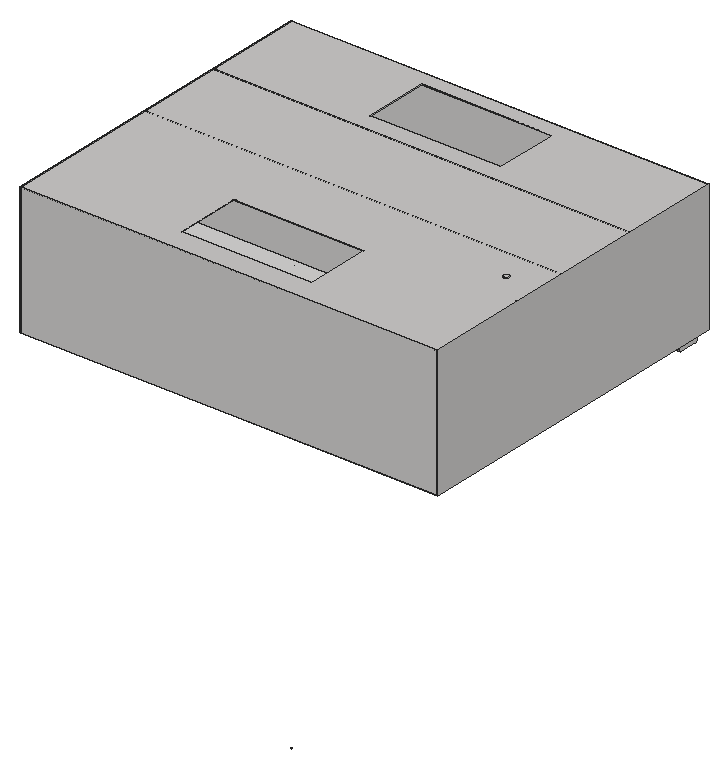
Revit family "QF_ELECTROLUXPROFESSIONAL_640228_STPF1316", category Attrezzature speciali, Revit 2021
Family settings
  Quota connettore circolare = Usa diametro
  Tipo di parte = Normale
  Basato su piano di lavoro = No
  Sempre verticale = Sì
  Taglio con vuoti quando caricato = No
  Condiviso = No
  Punto di calcolo locali = No
Parameters (values of type "Standard")
  Weight = 114.00 kg
  Watts = 160 W
  Volts = 220 V
  URL Manufacturer = "https://www.electroluxprofessional.com/"
  URL = "https://www.electroluxprofessional.com/"
  Steam Supply Size = 0 mm
  Steam Supply Minimum Pressure = 0.0 Pa
  Steam Supply Maximum Pressure = 0.0 Pa
  Steam Consumption per Hour = 0
  Refrigeration Suction Line Size = 0 mm
  Refrigeration Liquid Line Size = 0 mm
  Refrigerant Compressor Remote = yes
  Prospetto di default = 0 mm
  Produttore = "Electrolux Professional"
  Phase = 1
  Modello = "STPF1316"
  Length Actual = 1600 mm  # constant formula
  Item Number = "640228"
  Hot Water Size = 0 mm
  Height Actual = 500 mm  # constant formula
  HP = "0.2 HP"
  Gas Size = 0 mm
  Gas KW = 0
  Gas Input Pressure = 0 W
  Direct Waste Size = 0 mm
  Descrizione = "304 S/S WALL HOOD+FILTER+LAMPS 1600X1300"
  Depth Actual = 1300 mm  # constant formula
  Cycle = 50 Hz
  Condensate Return Size = 0 mm
  Compressed Air Volume = 0.0 L/s
  Compressed Air Size = 0 mm
  Compressed Air Pressure = 0.0 Pa
  Cold Water Size = 0 mm
  Accessory = yes
Reference planes
  plane 1: z = 0
  plane 2 "Center (Left/Right)": x = 150
  plane 3 "LEFT": x = -650
  plane 4 "RIGHT": x = 950
  plane 5 "BACK": y = 550
  plane 6 "TOP": z = 2500
  plane 7 "Base": z = 2000
  plane 8: z = 1955
  plane 9 "DrainY": y = 490
  plane 10: x = -647
  plane 11 "DrainX": x = 830
  plane 12 "AOLeft2": x = 400
  plane 13: x = 947
  plane 14: x = -450
  plane 15: x = 750
  plane 16 "Center (Front/Back)": y = -100
  plane 17 "Front": y = -750
  plane 18 "AOLeft1": x = -100
  plane 19: y = -664
  plane 20: y = -414
  plane 21: y = 240
  plane 22: y = 490
  plane 23 "EI_y": y = -270
  plane 24 "EIx": x = 830
Forms (mm)
  Extrusion 1, solid, material "QF_Finishes_Stainless Steel"
    sketch origin (-650, 0, 360) x (0, 1, 0) y (0, 0, 1)
      loop
        line (550, 1640) -> (550, 2140) -> (-750, 2140) -> (-750, 1640) -> (550, 1640)
    from 0 to 3
  Extrusion 2, solid, material "QF_Finishes_Stainless Steel"
    sketch origin (950, 0, 360) x (0, 1, 0) y (0, 0, 1)
      loop
        line (550, 1640) -> (550, 2140) -> (-750, 2140) -> (-750, 1640) -> (550, 1640)
    from 0 to -3
  Extrusion 3, solid, material "QF_Finishes_Stainless Steel"
    sketch origin (150, 0, 360) x (0, 1, 0) y (0, 0, 1)
      loop
        line (-750, 2140) -> (-750, 1640) -> (-740, 1640) -> (-740, 1640.8) -> (-749.2, 1640.8) -> (-749.2, 2139.19) -> (549.2, 2139.19) -> (549.2, 1640.8) -> (540, 1640.8) -> (540, 1640) -> (550, 1640) -> (550, 2140) -> (-750, 2140)
    from -800 to 800
  Extrusion 4, solid, material "QF_Finishes_Stainless Steel"
    sketch origin (0, 0, 2000) x (0, 1, 0) y (-1, 0, 0)
      loop
        circle (490, -830) r 4.763
    from -30 to 0
  Extrusion 5, void
    sketch origin (0, 0, 2500) x (0, 1, 0) y (-1, 0, 0)
      loop
        line (-414, -400) -> (-414, 100) -> (-664, 100) -> (-664, -400) -> (-414, -400)
    from 0 to -10
  Extrusion 6, solid, material "QF_Finishes_Stainless Steel"
    sketch origin (0, 0, 0) x (1, 0, 0) y (0, 1, 0)
      loop
        line (-650, 550) -> (-650, 549) -> (-649, 549) -> (-649, 550) -> (-650, 550)
    from 0 to 1
  Extrusion 7, solid, material "QF_LAMPS"
    sketch origin (150, 0, 360) x (0, 1, 0) y (0, 0, 1)
      loop
        line (-372.823, 1962.324) -> (-218.948, 2086.929) -> (-227.129, 2097.032) -> (-381.003, 1972.426) -> (-372.823, 1962.324)
    from 797 to -797
  Extrusion 8, solid, material "QF_Finishes_Stainless Steel"
    sketch origin (150, 0, 360) x (0, 1, 0) y (0, 0, 1)
      loop
        line (-750, 2139.19) -> (-750, 1640) -> (-686.602, 1640) -> (-599.146, 1690.493) -> (-610.058, 1709.394) -> (-666.564, 1676.77) -> (-714.704, 1680.982) -> (-749.2, 1730.248) -> (-749.2, 2139.19) -> (-750, 2139.19)
      loop
        line (-373.6, 1961.694) -> (-381.937, 1971.99) -> (-369.095, 1982.182) -> (-369.095, 2139.19) -> (-369.895, 2139.19) -> (-369.895, 1982.569) -> (-682.298, 1734.63) -> (-671.091, 1720.79) -> (-373.6, 1961.694)
      loop
        line (-227.61, 2099.216) -> (-218.171, 2087.559) -> (-154.411, 2139.19) -> (-155.682, 2139.19) -> (-218.052, 2088.684) -> (-226.989, 2099.719) -> (-227.61, 2099.216)
    from -797 to 797
  Sweep 9, solid, material "QF_Finishes_Stainless Steel"
    path origin (0, 0, 0) x (1, 0, 0) y (0, 1, 0)
      loop
        line (950, 550) -> (-650, 550) -> (-650, -750) -> (950, -750) -> (950, 550)
    profile origin (950, -100, 0) x (1, 0, 0) y (0, 0, 1)
      loop
        line (-3, 2000) -> (-3, 2000.8) -> (-19, 2000.8) -> (-19, 2010) -> (-20, 2010) -> (-20, 2000) -> (-3, 2000)
  Extrusion 10, solid, material "QF_Finishes_Stainless Steel"
    sketch origin (150, 0, 0) x (0, 1, 0) y (0, 0, 1)
      loop
        line (414.66, 2095.469) -> (440.643, 2110.471) -> (261.744, 2411.771) -> (235.948, 2396.455) -> (414.66, 2095.469)
    from -797 to -600
  Extrusion 11, solid, material "QF_Finishes_Stainless Steel"
    sketch origin (830, 0, 0) x (0, 1, 0) y (0, 0, 1)
      loop
        line (539, 2000) -> (441, 2000) -> (441, 1989) -> (448.5, 1989) -> (448.5, 1965)
        arc (448.5, 1965) -> (451.429, 1957.929) -> (458.5, 1955) r 10
        line (458.5, 1955) -> (521.5, 1955)
        arc (521.5, 1955) -> (528.571, 1957.929) -> (531.5, 1965) r 10
        line (531.5, 1965) -> (531.5, 1989) -> (539, 1989) -> (539, 2000)
    from 90 to -90
  Extrusion 12, solid, material "QF_Finishes_Stainless Steel"
    sketch origin (150, 0, 360) x (0, 1, 0) y (0, 0, 1)
      loop
        line (-750, 2139.19) -> (-750, 1640) -> (-686.602, 1640) -> (-599.146, 1690.493) -> (-610.058, 1709.394) -> (-666.564, 1676.77) -> (-714.704, 1680.982) -> (-749.2, 1730.248) -> (-749.2, 2139.19) -> (-750, 2139.19)
      loop
        line (-373.6, 1961.694) -> (-381.937, 1971.99) -> (-369.095, 1982.182) -> (-369.095, 2139.19) -> (-369.895, 2139.19) -> (-369.895, 1982.569) -> (-682.298, 1734.63) -> (-671.091, 1720.79) -> (-373.6, 1961.694)
      loop
        line (-227.61, 2099.216) -> (-218.171, 2087.559) -> (-154.411, 2139.19) -> (-155.682, 2139.19) -> (-218.052, 2088.684) -> (-226.989, 2099.719) -> (-227.61, 2099.216)
    from -797 to 797
  Extrusion 13, solid, material "QF_Finishes_Stainless Steel"
    sketch origin (150, 0, 0) x (0, 1, 0) y (0, 0, 1)
      loop
        line (414.66, 2095.469) -> (440.643, 2110.471) -> (261.744, 2411.771) -> (235.948, 2396.455) -> (414.66, 2095.469)
    from 600 to 797
  Extrusion 14, solid, material "QF_Finished_Chrome"
    sketch origin (150, 0, 0) x (0, 1, 0) y (0, 0, 1)
      loop
        line (414.66, 2095.469) -> (440.643, 2110.471) -> (261.744, 2411.771) -> (235.948, 2396.455) -> (414.66, 2095.469)
    from -600 to 600
  Extrusion 15, void
    sketch origin (0, 1180, 2500) x (0, 1, 0) y (-1, 0, 0)
      loop
        line (-690, -400) -> (-690, 100) -> (-940, 100) -> (-940, -400) -> (-690, -400)
    from 0 to -10
  Extrusion 16, solid, material "QF_Finishes_Stainless Steel"
    sketch origin (0, 0, 2500) x (0, 1, 0) y (-1, 0, 0)
      loop
        circle (-270, -830) r 10
    from 0 to 1.6
  Extrusion 17, solid, material "QF_Finishes_Stainless Steel"
    sketch origin (150, 0, 360) x (0, 1, 0) y (0, 0, 1)
      loop
        line (430.005, 1640) -> (540, 1640) -> (540, 1640.8) -> (430.467, 1640.8) -> (371.906, 1742.23) -> (414.858, 1734.657) -> (442.266, 1750.481) -> (442.266, 1765.943) -> (441.466, 1765.943) -> (441.466, 1750.943) -> (414.709, 1735.495) -> (321.153, 1751.991) -> (320.875, 1750.416) -> (371.4, 1741.507) -> (430.005, 1640)
      loop
        line (172.529, 2139.19) -> (242.893, 2017.316) -> (245.133, 2018.715) -> (240.13, 2027.381) -> (238.569, 2026.405) -> (173.453, 2139.19) -> (172.529, 2139.19)
    from -797 to 797
Cuts and joins
  Extrusion 5, Extrusion 15 cuts Extrusion 3
  joined: Extrusion 2, Extrusion 3, Sweep 9
Lines and regions (mm)
  symbolic lines, style "SpecialityEquipment", detail levels coarse
    curve 1: line (950, 550, 2500) -> (-650, 550, 2500)
    curve 2: line (-650, 550, 2500) -> (-650, -750, 2500)
    curve 3: line (950, -750, 2500) -> (950, 550, 2500)
    curve 4: line (-650, 550, 0) -> (950, -750, 0)
    curve 5: line (950, 550, 0) -> (-650, -750, 0)
    curve 6: line (-650, -750, 0) -> (950, -750, 0)
    curve 7: line (400, -414, 0) -> (-100, -414, 0)
    curve 8: line (400, -664, 0) -> (400, -414, 0)
    curve 9: line (-100, -664, 0) -> (400, -664, 0)
    curve 10: line (-100, -414, 0) -> (-100, -664, 0)
  symbolic lines, detail levels coarse
    curve 11: line (-100, 240, 2500) -> (400, 240, 2500)
    curve 12: line (-100, 490, 2500) -> (-100, 240, 2500)
    curve 13: line (400, 490, 2500) -> (-100, 490, 2500)
    curve 14: line (400, 240, 2500) -> (400, 490, 2500)
Dimensions and locks
  plane 3 "LEFT" to plane 4 "RIGHT" = 1600 mm
  equal spacing: plane 3 "LEFT", plane 2 "Center (Left/Right)", plane 4 "RIGHT"
  plane 7 "Base" to plane 8 = 45 mm
  plane 5 "BACK" to plane 9 "DrainY" = 60 mm  (x2)
  plane 3 "LEFT" to plane 10 = 3 mm
  plane 11 "DrainX" to plane 4 "RIGHT" = 120 mm
  plane 13 to plane 4 "RIGHT" = 3 mm
  plane 3 "LEFT" to plane 14 = 200 mm
  plane 15 to plane 4 "RIGHT" = 200 mm
  locked: plane 7 "Base" to level at 2000
  locked: plane 6 "TOP" to plane 7 "Base" at 500
  locked: plane 5 "BACK" to plane 17 "Front" at 1300
  equal spacing: plane 5 "BACK", plane 16 "Center (Front/Back)", plane 17 "Front"
  locked: plane 20 to plane 19 at 250
  plane 19 to plane 17 "Front" = 86 mm
  locked: plane 22 to plane 21 at 250
  plane 5 "BACK" to plane 22 = 60 mm
  locked: plane 23 "EI_y" to plane 17 "Front" at 480
  locked: plane 24 "EIx" to plane 4 "RIGHT" at 120
  locked: plane 18 "AOLeft1" to plane 12 "AOLeft2" at 500
  equal spacing: plane 18 "AOLeft1", plane 2 "Center (Left/Right)", plane 12 "AOLeft2"
  plane 5 "BACK" to plane 17 "Front" = 1300 mm
  aligned and locked: level to plane 1
  aligned and locked: plane 4 "RIGHT" to Extrusion 3
  aligned and locked: Extrusion 3 to plane 3 "LEFT"
  aligned and locked: Extrusion 2 to plane 13
  aligned and locked: Extrusion 10 to plane 10
  aligned and locked: Extrusion 8 to plane 10
  aligned and locked: plane 13 to Extrusion 8
  aligned and locked: Extrusion 5 to plane 18 "AOLeft1"
  aligned and locked: Extrusion 5 to plane 12 "AOLeft2"
  aligned and locked: plane 14 to Extrusion 10
  aligned and locked: plane 15 to Extrusion 13
  aligned and locked: plane 13 to Extrusion 13
  aligned and locked: Extrusion 14 to plane 14
  aligned and locked: Extrusion 14 to plane 15
  aligned and locked: plane 13 to Extrusion 7
  aligned and locked: Extrusion 7 to plane 10
  aligned and locked: Extrusion 15 to plane 21
  aligned and locked: plane 22 to Extrusion 15
  aligned and locked: Extrusion 15 to plane 18 "AOLeft1"
  aligned and locked: Extrusion 15 to plane 12 "AOLeft2"
  aligned and locked: Extrusion 17 to plane 10
  aligned and locked: plane 13 to Extrusion 17
  aligned and locked: plane 13 to Extrusion 12
  aligned and locked: Extrusion 12 to plane 10
  aligned and locked: cut or joined group of Extrusion 2, Extrusion 3, Extrusion 5, Sweep 9, Extrusion 15 to curve 7
  aligned and locked: cut or joined group of Extrusion 2, Extrusion 3, Extrusion 5, Sweep 9, Extrusion 15 to plane 19
  aligned and locked: curve 9 to plane 19
Automatic sketch dimensions
  curve 6 to plane 3 "LEFT" = 0 mm
  curve 4 to plane 3 "LEFT" = 0 mm
  curve 10 to plane 18 "AOLeft1" = 0 mm
  curve 8 to plane 12 "AOLeft2" = 0 mm
  curve 5 to plane 4 "RIGHT" = 0 mm
  curve 6 to plane 4 "RIGHT" = 0 mm
  curve 4 to plane 17 "Front" = 0 mm
  curve 4 to plane 5 "BACK" = 0 mm
  curve 5 to plane 5 "BACK" = 0 mm
  curve 2 to plane 3 "LEFT" = 0 mm
  curve 2 to plane 17 "Front" = 0 mm
  curve 3 to plane 4 "RIGHT" = 0 mm
  curve 3 to plane 17 "Front" = 0 mm
  curve 2 to plane 5 "BACK" = 0 mm
  Extrusion 1 sketch curve to plane 7 "Base" = 0 mm
  Extrusion 1 sketch curve to plane 17 "Front" = 0 mm
  Extrusion 1 sketch curve to plane 5 "BACK" = 0 mm
  Extrusion 1 sketch curve to plane 6 "TOP" = 0 mm
  Extrusion 2 sketch curve to plane 7 "Base" = 0 mm
  Extrusion 2 sketch curve to plane 17 "Front" = 0 mm
  Extrusion 2 sketch curve to plane 5 "BACK" = 0 mm
  Extrusion 2 sketch curve to plane 6 "TOP" = 0 mm
  Extrusion 3 sketch curve to plane 6 "TOP" = 0 mm
  Extrusion 3 sketch curve to plane 17 "Front" = 0 mm
  Extrusion 3 sketch curve to plane 7 "Base" = 0 mm  (x2)
  Extrusion 3 sketch curve to plane 5 "BACK" = 0 mm
  plane 17 "Front" to Extrusion 3 sketch curve = 0.8 mm
  Extrusion 3 sketch curve to Extrusion 3 sketch curve = 9.2 mm
  plane 7 "Base" to Extrusion 3 sketch curve = 0.8 mm  (x2)
  Extrusion 3 sketch curve to plane 5 "BACK" = 10 mm
  Extrusion 3 sketch curve to plane 5 "BACK" = 0.8 mm
  Extrusion 3 sketch curve to plane 6 "TOP" = 0.81 mm
  Extrusion 4 sketch curve to plane 9 "DrainY" = 0 mm
  Extrusion 4 sketch curve to plane 11 "DrainX" = 0 mm
  Extrusion 5 sketch curve to plane 12 "AOLeft2" = 0 mm
  Extrusion 5 sketch curve to plane 18 "AOLeft1" = 0 mm
  plane 19 to Extrusion 5 sketch curve = 0 mm
  Extrusion 5 sketch curve to plane 23 "EI_y" = 144 mm
  Extrusion 6 sketch curve to plane 3 "LEFT" = 0 mm
  Extrusion 6 sketch curve to plane 5 "BACK" = 0 mm
  plane 3 "LEFT" to Extrusion 6 sketch curve = 1 mm
  Extrusion 6 sketch curve to Extrusion 6 sketch curve = 1 mm
  plane 20 to Extrusion 7 sketch curve = 32.997 mm
  Extrusion 7 sketch curve to Extrusion 7 sketch curve = 8.181 mm  (x2)
  plane 23 "EI_y" to Extrusion 7 sketch curve = 42.871 mm
  Extrusion 7 sketch curve to plane 6 "TOP" = 177.676 mm
  Extrusion 7 sketch curve to Extrusion 7 sketch curve = 10.102 mm
  Extrusion 7 sketch curve to plane 6 "TOP" = 53.071 mm
  Extrusion 7 sketch curve to Extrusion 7 sketch curve = 10.103 mm
  Extrusion 8 sketch curve to plane 7 "Base" = 0 mm
  Extrusion 8 sketch curve to plane 17 "Front" = 0 mm
  Extrusion 8 sketch curve to Extrusion 8 sketch curve = 0.8 mm  (x2)
  plane 17 "Front" to Extrusion 8 sketch curve = 35.296 mm
  Extrusion 8 sketch curve to plane 19 = 22.602 mm
  Extrusion 8 sketch curve to plane 19 = 18.298 mm
  Extrusion 8 sketch curve to plane 19 = 7.091 mm
  Extrusion 8 sketch curve to plane 19 = 2.564 mm
  plane 19 to Extrusion 8 sketch curve = 53.942 mm
  Extrusion 8 sketch curve to Extrusion 8 sketch curve = 10.912 mm
  plane 20 to Extrusion 8 sketch curve = 32.063 mm
  Extrusion 8 sketch curve to Extrusion 8 sketch curve = 8.337 mm
  Extrusion 8 sketch curve to Extrusion 8 sketch curve = 12.042 mm
  plane 23 "EI_y" to Extrusion 8 sketch curve = 42.39 mm
  Extrusion 8 sketch curve to Extrusion 8 sketch curve = 0.622 mm
  Extrusion 8 sketch curve to Extrusion 8 sketch curve = 9.44 mm
  Extrusion 8 sketch curve to Extrusion 8 sketch curve = 0.118 mm
  Extrusion 8 sketch curve to plane 6 "TOP" = 0.81 mm  (x3)
  Extrusion 8 sketch curve to plane 16 "Center (Front/Back)" = 55.682 mm
  Extrusion 8 sketch curve to Extrusion 8 sketch curve = 1.271 mm
  plane 7 "Base" to Extrusion 8 sketch curve = 36.77 mm
  plane 7 "Base" to Extrusion 8 sketch curve = 40.982 mm
  plane 7 "Base" to Extrusion 8 sketch curve = 50.493 mm
  Extrusion 8 sketch curve to Extrusion 8 sketch curve = 18.901 mm
  Extrusion 8 sketch curve to Extrusion 8 sketch curve = 44.02 mm
  Extrusion 8 sketch curve to Extrusion 8 sketch curve = 49.266 mm
  Extrusion 8 sketch curve to Extrusion 8 sketch curve = 13.84 mm
  Extrusion 8 sketch curve to plane 6 "TOP" = 178.306 mm
  Extrusion 8 sketch curve to Extrusion 8 sketch curve = 10.296 mm
  Extrusion 8 sketch curve to Extrusion 8 sketch curve = 10.192 mm
  Extrusion 8 sketch curve to Extrusion 8 sketch curve = 0.386 mm
  Extrusion 8 sketch curve to plane 6 "TOP" = 52.441 mm
  Extrusion 8 sketch curve to Extrusion 8 sketch curve = 1.125 mm
  Sweep 9 sketch curve to plane 3 "LEFT" = 0 mm
  Sweep 9 sketch curve to plane 4 "RIGHT" = 0 mm
  Sweep 9 sketch curve to plane 17 "Front" = 0 mm
  Sweep 9 sketch curve to plane 5 "BACK" = 0 mm
  profile plane to Sweep 9 sketch curve = 20 mm
  Sweep 9 sketch curve to Sweep 9 sketch curve = 1 mm
  profile plane to Sweep 9 sketch curve = 3 mm
  level to Sweep 9 sketch curve = 2000 mm
  Sweep 9 sketch curve to Sweep 9 sketch curve = 0.8 mm
  Sweep 9 sketch curve to Sweep 9 sketch curve = 9.2 mm
  Extrusion 10 sketch curve to plane 21 = 4.052 mm
  plane 21 to Extrusion 10 sketch curve = 21.744 mm
  Extrusion 10 sketch curve to plane 9 "DrainY" = 75.34 mm
  Extrusion 10 sketch curve to Extrusion 10 sketch curve = 25.983 mm
  plane 7 "Base" to Extrusion 10 sketch curve = 95.469 mm
  Extrusion 10 sketch curve to Extrusion 10 sketch curve = 15.001 mm
  Extrusion 10 sketch curve to plane 6 "TOP" = 103.545 mm
  Extrusion 10 sketch curve to Extrusion 10 sketch curve = 15.316 mm
  Extrusion 12 sketch curve to plane 7 "Base" = 0 mm
  Extrusion 12 sketch curve to plane 17 "Front" = 0 mm
  Extrusion 12 sketch curve to Extrusion 12 sketch curve = 0.8 mm  (x2)
  plane 17 "Front" to Extrusion 12 sketch curve = 35.296 mm
  Extrusion 12 sketch curve to plane 19 = 22.602 mm
  Extrusion 12 sketch curve to plane 19 = 18.298 mm
  Extrusion 12 sketch curve to plane 19 = 7.091 mm
  Extrusion 12 sketch curve to plane 19 = 2.564 mm
  plane 19 to Extrusion 12 sketch curve = 53.942 mm
  Extrusion 12 sketch curve to Extrusion 12 sketch curve = 10.912 mm
  plane 20 to Extrusion 12 sketch curve = 32.063 mm
  Extrusion 12 sketch curve to Extrusion 12 sketch curve = 8.337 mm
  Extrusion 12 sketch curve to plane 6 "TOP" = 0.81 mm  (x3)
  plane 20 to Extrusion 12 sketch curve = 44.105 mm
  plane 23 "EI_y" to Extrusion 12 sketch curve = 42.39 mm
  Extrusion 12 sketch curve to Extrusion 12 sketch curve = 0.622 mm
  Extrusion 12 sketch curve to Extrusion 12 sketch curve = 9.44 mm
  Extrusion 12 sketch curve to Extrusion 12 sketch curve = 0.118 mm
  Extrusion 12 sketch curve to plane 16 "Center (Front/Back)" = 55.682 mm
  Extrusion 12 sketch curve to Extrusion 12 sketch curve = 1.271 mm
  plane 7 "Base" to Extrusion 12 sketch curve = 36.77 mm
  plane 7 "Base" to Extrusion 12 sketch curve = 40.982 mm
  plane 7 "Base" to Extrusion 12 sketch curve = 50.493 mm
  Extrusion 12 sketch curve to Extrusion 12 sketch curve = 18.901 mm
  Extrusion 12 sketch curve to Extrusion 12 sketch curve = 44.02 mm
  Extrusion 12 sketch curve to Extrusion 12 sketch curve = 49.266 mm
  Extrusion 12 sketch curve to Extrusion 12 sketch curve = 13.84 mm
  Extrusion 12 sketch curve to Extrusion 12 sketch curve = 177.496 mm
  Extrusion 12 sketch curve to Extrusion 12 sketch curve = 10.296 mm
  Extrusion 12 sketch curve to Extrusion 12 sketch curve = 10.192 mm
  Extrusion 12 sketch curve to Extrusion 12 sketch curve = 0.386 mm
  Extrusion 12 sketch curve to plane 6 "TOP" = 52.441 mm
  Extrusion 12 sketch curve to Extrusion 12 sketch curve = 1.125 mm
  Extrusion 13 sketch curve to plane 21 = 4.052 mm
  plane 21 to Extrusion 13 sketch curve = 21.744 mm
  Extrusion 13 sketch curve to plane 9 "DrainY" = 75.34 mm
  Extrusion 13 sketch curve to Extrusion 13 sketch curve = 25.983 mm
  plane 7 "Base" to Extrusion 13 sketch curve = 95.469 mm
  Extrusion 13 sketch curve to Extrusion 13 sketch curve = 15.001 mm
  Extrusion 13 sketch curve to plane 6 "TOP" = 103.545 mm
  Extrusion 13 sketch curve to Extrusion 13 sketch curve = 15.316 mm
  Extrusion 14 sketch curve to plane 21 = 4.052 mm
  plane 21 to Extrusion 14 sketch curve = 21.744 mm
  Extrusion 14 sketch curve to plane 9 "DrainY" = 75.34 mm
  Extrusion 14 sketch curve to Extrusion 14 sketch curve = 25.983 mm
  plane 7 "Base" to Extrusion 14 sketch curve = 95.469 mm
  Extrusion 14 sketch curve to Extrusion 14 sketch curve = 15.001 mm
  Extrusion 14 sketch curve to plane 6 "TOP" = 103.545 mm
  Extrusion 14 sketch curve to Extrusion 14 sketch curve = 15.316 mm
  Extrusion 15 sketch curve to plane 12 "AOLeft2" = 0 mm
  Extrusion 15 sketch curve to plane 21 = 0 mm
  Extrusion 15 sketch curve to plane 9 "DrainY" = 0 mm
  Extrusion 15 sketch curve to plane 18 "AOLeft1" = 0 mm
  Extrusion 16 sketch curve to plane 23 "EI_y" = 0 mm
  Extrusion 16 sketch curve to plane 24 "EIx" = 0 mm
  Extrusion 17 sketch curve to plane 7 "Base" = 0 mm
  Extrusion 17 sketch curve to plane 9 "DrainY" = 47.734 mm
  Extrusion 17 sketch curve to Extrusion 17 sketch curve = 0.8 mm
  plane 9 "DrainY" to Extrusion 17 sketch curve = 50 mm
  plane 7 "Base" to Extrusion 17 sketch curve = 0.8 mm
  Extrusion 17 sketch curve to Extrusion 17 sketch curve = 109.533 mm
  Extrusion 17 sketch curve to Extrusion 17 sketch curve = 0.462 mm  (x2)
  Extrusion 17 sketch curve to Extrusion 17 sketch curve = 26.608 mm
  Extrusion 17 sketch curve to Extrusion 17 sketch curve = 0.148 mm
  Extrusion 17 sketch curve to Extrusion 17 sketch curve = 42.803 mm
  Extrusion 17 sketch curve to Extrusion 17 sketch curve = 0.506 mm
  Extrusion 17 sketch curve to Extrusion 17 sketch curve = 50.247 mm
  Extrusion 17 sketch curve to Extrusion 17 sketch curve = 0.278 mm
  plane 21 to Extrusion 17 sketch curve = 5.133 mm
  Extrusion 17 sketch curve to Extrusion 17 sketch curve = 2.24 mm
  plane 21 to Extrusion 17 sketch curve = 0.13 mm
  Extrusion 17 sketch curve to plane 21 = 1.431 mm
  Extrusion 17 sketch curve to plane 6 "TOP" = 0.81 mm
  Extrusion 17 sketch curve to plane 21 = 66.547 mm
  Extrusion 17 sketch curve to Extrusion 17 sketch curve = 0.924 mm
  plane 7 "Base" to Extrusion 17 sketch curve = 94.657 mm
  Extrusion 17 sketch curve to Extrusion 17 sketch curve = 0.838 mm
  Extrusion 17 sketch curve to Extrusion 17 sketch curve = 6.012 mm
  Extrusion 17 sketch curve to Extrusion 17 sketch curve = 0.723 mm
  Extrusion 17 sketch curve to Extrusion 17 sketch curve = 14.986 mm
  Extrusion 17 sketch curve to Extrusion 17 sketch curve = 15 mm
  Extrusion 17 sketch curve to plane 6 "TOP" = 122.684 mm
  Extrusion 17 sketch curve to Extrusion 17 sketch curve = 1.399 mm
  Extrusion 17 sketch curve to Extrusion 17 sketch curve = 9.089 mm
  Extrusion 17 sketch curve to Extrusion 17 sketch curve = 0.975 mm
  curve 11 to plane 18 "AOLeft1" = 0 mm
  curve 11 to plane 21 = 0 mm
  curve 12 to plane 9 "DrainY" = 0 mm
  curve 11 to plane 12 "AOLeft2" = 0 mm
  Extrusion 11 sketch curve to plane 8 = 0 mm
  Extrusion 11 sketch curve to plane 7 "Base" = 11 mm  (x2)
  Extrusion 11 sketch curve to plane 9 "DrainY" = 49 mm
  Extrusion 11 sketch curve to Extrusion 11 sketch curve = 7.5 mm  (x2)
  Extrusion 11 sketch curve to Extrusion 11 sketch curve = 10 mm
  Extrusion 11 sketch curve to plane 5 "BACK" = 28.5 mm
  Extrusion 11 sketch curve to plane 5 "BACK" = 18.5 mm
  plane 7 "Base" to Extrusion 11 sketch curve = 0 mm
  radius of Extrusion 4 sketch curve = 4.763 mm
  radius of Extrusion 16 sketch curve = 10 mm
Connectors
  piping at (830, 490, 1970), diameter 9.5
    settings: on Extrusion 4, index 1, connector inside diameter 609.6 mm, connector length 0 mm, flow factor 0, pipe flow 0.0 L/s, pressure drop 0.0 Pa, fitting loss kfactor 0, connector angle 0.00°, fixture units 0, engagement length 0 mm, angle of deflection 0.00°, flow configuration 1, flow direction 2, fitting loss method 0, system type 16, joint type 0, gender type 0, connector reference index -1, connector utility 0, adjustable connector no, is connector primary yes, connector description "Drain"
  hvac at (150, -539, 2500)
    settings: on Extrusion 5, index 2, duct flow 0.0 L/s, flow factor 0, pres drop 0.0 Pa, loss coef 0, conn angle 0.00°, conn width 250 mm, conn height 500 mm, conn diameter 609.6 mm, duct sys type 1, conn prof type 1, flow config 1, flow direction 1, loss method 0, conn ref index -1, conn util no, is conn primary yes, conn desc "AIR INLET"
  hvac at (150, 365, 2500)
    settings: on Extrusion 15, index 4, duct flow 0.0 L/s, flow factor 0, pres drop 0.0 Pa, loss coef 0, conn angle 0.00°, conn width 250 mm, conn height 500 mm, conn diameter 609.6 mm, duct sys type 3, conn prof type 1, flow config 1, flow direction 2, loss method 0, conn ref index -1, conn util no, is conn primary no, conn desc "EXHAUST OUTLET"
  electrical at (830, -270, 2501.6), driven by "Volts"
    settings: on Extrusion 16, index 6, voltage 220 V, apparent load 0 VA, apparent load phase1 0 VA, apparent load phase2 0 VA, apparent load phase3 0 VA, power factor 1, load classification "Other", number of poles 1, system type 30, power factor state 1, is connector primary yes, connector utility no, sub classification motor no, connector description "Electrical Connection"
